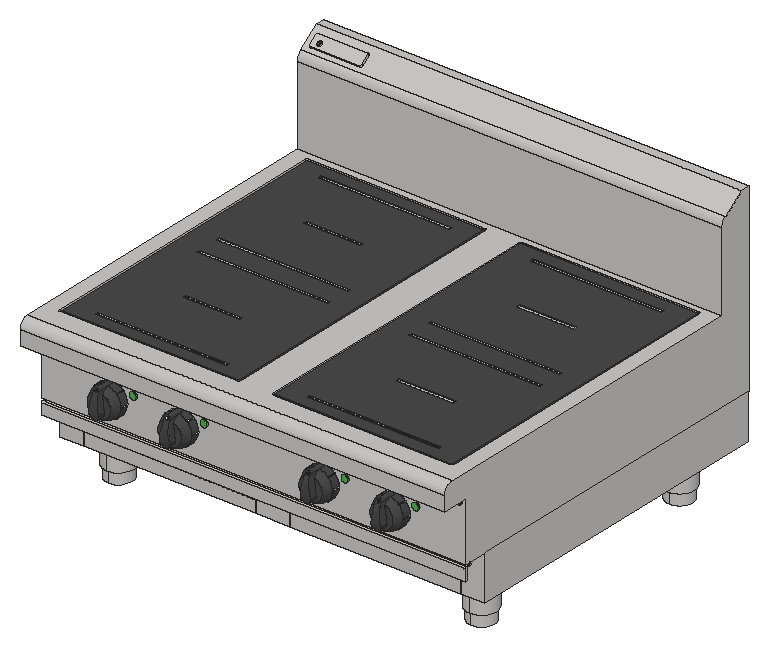
Revit family "QF_Moffat_IN8400R3-B_Induction Cooktop_cat", category Specialty Equipment, Revit 2019 (continued)
Definition of nested family "Knob"
  Forms (mm)
    Extrusion 2, solid
      sketch origin (32.5, 175.397, 1219.2) x (0, 1, 0) y (0, 0, 1)
        loop
          line (-230.696, -1208.7) -> (-219.397, -1208.7) -> (-219.397, -1161.899) -> (-202.106, -1154.2)
      from -15 to 15
    Extrusion 3, void
      sketch origin (0, 0, 0) x (1, 0, 0) y (0, 0, 1)
        loop
          line (27.501, 64.613) -> (22.02, 20.585)
          arc (22.02, 20.585) -> (32.792, 10.488) -> (42.986, 21.169) r 10.487
          line (42.986, 21.169) -> (37.499, 64.613)
          arc (37.499, 64.613) -> (32.5, 69.5) -> (27.501, 64.613) r 5
        loop
          line (10, 72.977) -> (10, 5.625) -> (55, 5.625) -> (55, 72.977) -> (10, 72.977)
      from 6.142 to 69.687
    Extrusion 4, solid
      sketch origin (0, -34.115, -16.916) x (1, 0, 0) y (0, 0.45399, 0.891007)
        loop
          circle (32.497, 65) r 2
      from 51.525 to 53.075
    Extrusion 5, solid
      sketch origin (32.5, -10, 32.5) x (0, 0, -1) y (-1, 0, 0)
        loop
          line (-23.54, -22.408) -> (-24.106, -22.974)
          arc (-24.106, -22.974) -> (-23.547, -23.547) -> (-22.974, -24.106) r 33.3
          line (-22.974, -24.106) -> (-22.408, -23.54)
          arc (-22.408, -23.54) -> (-22.981, -22.981) -> (-23.54, -22.408) r 32.5
        loop
          arc (-0.8, -33.29) -> (0, -33.3) -> (0.8, -33.29) r 33.3
          line (0.8, -33.29) -> (0.8, -32.49)
          arc (0.8, -32.49) -> (0, -32.5) -> (-0.8, -32.49) r 32.5
          line (-0.8, -32.49) -> (-0.8, -33.29)
        loop
          arc (23.54, -22.408) -> (22.981, -22.981) -> (22.408, -23.54) r 32.5
          line (22.408, -23.54) -> (22.974, -24.106)
          arc (22.974, -24.106) -> (23.547, -23.547) -> (24.106, -22.974) r 33.3
          line (24.106, -22.974) -> (23.54, -22.408)
        loop
          arc (-23.54, 22.408) -> (-22.981, 22.981) -> (-22.408, 23.54) r 32.5
          line (-22.408, 23.54) -> (-22.974, 24.106)
          arc (-22.974, 24.106) -> (-23.547, 23.547) -> (-24.106, 22.974) r 33.3
          line (-24.106, 22.974) -> (-23.54, 22.408)
        loop
          line (-0.8, 33.29) -> (-0.8, 32.49)
          arc (-0.8, 32.49) -> (0, 32.5) -> (0.8, 32.49) r 32.5
          line (0.8, 32.49) -> (0.8, 33.29)
          arc (0.8, 33.29) -> (0, 33.3) -> (-0.8, 33.29) r 33.3
        loop
          line (32.49, -0.8) -> (33.29, -0.8)
          arc (33.29, -0.8) -> (33.3, 0) -> (33.29, 0.8) r 33.3
          line (33.29, 0.8) -> (32.49, 0.8)
          arc (32.49, 0.8) -> (32.5, 0) -> (32.49, -0.8) r 32.5
        loop
          arc (24.106, 22.974) -> (23.547, 23.547) -> (22.974, 24.106) r 33.3
          line (22.974, 24.106) -> (22.408, 23.54)
          arc (22.408, 23.54) -> (22.981, 22.981) -> (23.54, 22.408) r 32.5
          line (23.54, 22.408) -> (24.106, 22.974)
      from 0 to -16.709
  Cuts and joins
    Extrusion 3 cuts Extrusion 2
  Dimensions and locks
    equal spacing: plane 3 "LEFT", plane 7 "Center Y", plane 4 "RIGHT"
    "Length": plane 3 "LEFT" to plane 4 "RIGHT"
    equal spacing: plane 5 "FRONT", plane 8 "Center X", plane 1 "BACK"
    "Depth": plane 5 "FRONT" to plane 1 "BACK"
    "Height": plane 6 "TOP" to level
    plane 4 "RIGHT" to plane 3 "LEFT" = 65 mm
    aligned and locked: level to plane 2
  Automatic sketch dimensions
    Revolve 1 sketch curve to level = 0 mm
    Revolve 1 sketch curve to plane 1 "BACK" = 0 mm  (x2)
    plane 1 "BACK" to Revolve 1 sketch curve = 10 mm
    plane 8 "Center X" to Revolve 1 sketch curve = 2.791 mm
    Revolve 1 sketch curve to plane 8 "Center X" = 14.5 mm
    level to Revolve 1 sketch curve = 7.699 mm
    level to Revolve 1 sketch curve = 27.5 mm
    Revolve 1 sketch curve to Revolve 1 sketch curve = 5 mm
    Revolve 1 sketch curve to Revolve 1 sketch curve = 35 mm
    Revolve 1 sketch curve to Revolve 1 sketch curve = 0 mm
    Extrusion 2 sketch curve to plane 6 "TOP" = 0 mm
    Extrusion 2 sketch curve to plane 5 "FRONT" = 3.702 mm
    Extrusion 2 sketch curve to plane 5 "FRONT" = 10.293 mm
    Extrusion 2 sketch curve to Extrusion 2 sketch curve = 11.298 mm
    plane 8 "Center X" to Extrusion 2 sketch curve = 2.791 mm
    plane 1 "BACK" to Extrusion 2 sketch curve = 10 mm
    Extrusion 2 sketch curve to plane 1 "BACK" = 11 mm
    Extrusion 2 sketch curve to plane 6 "TOP" = 4.5 mm
    Extrusion 2 sketch curve to plane 6 "TOP" = 12.199 mm
    level to Extrusion 2 sketch curve = 32.962 mm
    level to Extrusion 3 sketch curve = 5.625 mm
    Extrusion 3 sketch curve to plane 7 "Center Y" = 0 mm  (x2)
    Extrusion 3 sketch curve to plane 7 "Center Y" = 4.999 mm
    Extrusion 3 sketch curve to plane 7 "Center Y" = 10.48 mm
    plane 6 "TOP" to Extrusion 3 sketch curve = 3.477 mm
    plane 3 "LEFT" to Extrusion 3 sketch curve = 10 mm
    Extrusion 3 sketch curve to plane 6 "TOP" = 4.887 mm
    Extrusion 3 sketch curve to Extrusion 3 sketch curve = 4.999 mm
    plane 7 "Center Y" to Extrusion 3 sketch curve = 10.486 mm
    level to Extrusion 3 sketch curve = 20.585 mm
    Extrusion 3 sketch curve to Extrusion 3 sketch curve = 0.387 mm
    Extrusion 3 sketch curve to Extrusion 3 sketch curve = 0.113 mm
    plane 4 "RIGHT" to Extrusion 3 sketch curve = 10 mm
    Extrusion 5 sketch curve to Revolve 1 = 32.49 mm
    Revolve 1 to Extrusion 5 sketch curve = 32.49 mm
    Extrusion 5 sketch curve to Revolve 1 = 23.54 mm  (x2)
    Revolve 1 to Extrusion 5 sketch curve = 23.54 mm  (x2)
    Extrusion 5 sketch curve to Revolve 1 = 24.106 mm  (x2)
    Revolve 1 to Extrusion 5 sketch curve = 24.106 mm  (x2)
    Revolve 1 to Extrusion 5 sketch curve = 22.408 mm  (x2)
    Extrusion 5 sketch curve to Revolve 1 = 22.408 mm  (x2)
    Revolve 1 to Extrusion 5 sketch curve = 22.974 mm  (x2)
    Extrusion 5 sketch curve to Revolve 1 = 22.974 mm  (x2)
    Extrusion 5 sketch curve to Extrusion 5 sketch curve = 1.6 mm  (x2)
    Revolve 1 to Extrusion 5 sketch curve = 0.8 mm
    Extrusion 5 sketch curve to Revolve 1 = 0.8 mm
    Extrusion 4 sketch curve to plane 7 "Center Y" = 0.003 mm
    radius of Extrusion 5 sketch curve to Revolve 1 = 0 mm  (x7)
    radius of Revolve 1 to Extrusion 5 sketch curve = 0.8 mm  (x7)
    radius of Extrusion 4 sketch curve = 2 mm
Types (2, lengths in mm): name | Volts | Model | Cycle | Apparent Power
  INB8400R3-B_415/60/3 | 415 V | "IN8400R3-B" | 60 Hz | 14359 VA
  INB8400R3-B_400/50/3 | 400 V | "INB8400R3-B" | 50 Hz | 13840 VA
